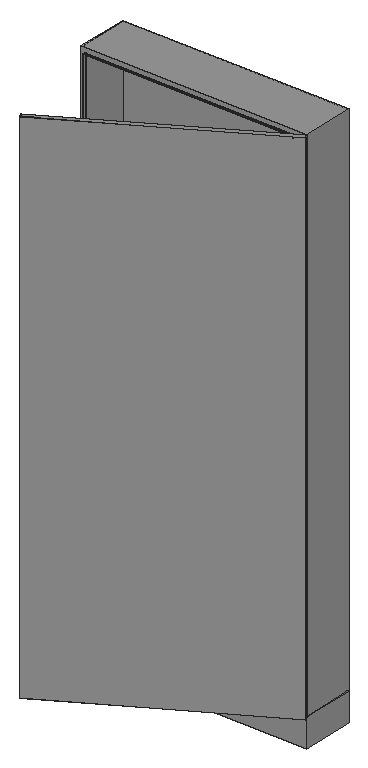
Revit family "Hager-Univers-IP44-D205-H1950-Cl.I-Encl-NoHosted-CH-fr", category Electrical Equipment, Revit 2020
Family settings
  Panel Configuration = Two Columns, Circuits Across
  Round Connector Dimension = Use Diameter
  Part Type = Panelboard
  Work Plane-Based = Yes
  Always vertical = Yes
  Cut with Voids When Loaded = No
  Shared = No
  Room Calculation Point = No
Parameters (values of type "installation au sol IP44 L800 H1950 P205  - FP23TN2")
  Width Control [instance] = if([EF000008 - largeur] > Min Width, [EF000008 - largeur], Min Width)  # 800 mm
  Type Comments = [HG000003 - Gamme]  # "Univers"
  Thickness Door [instance] = if([EF009171 - épaisseur de matériau de la porte/du couvercle] > 3 mm, 3 mm, [EF009171 - épaisseur de matériau de la porte/du couvercle])  # 1 mm
  Seal Frame Offset [instance] = 17 mm  # constant formula
  Plinth Visibility [instance] = [HG000027 - Hauteur du socle] > 0 mm  # yes
  Min Width [instance] = 100 mm  # constant formula
  Min Depth [instance] = (2 * [EF009170 - épaisseur de matériau du boîtier]) + 1 mm  # 3 mm
  Min Height [instance] = 100 mm  # constant formula
  Internal Frame Depth [instance] = (Door System Depth * 0.5)  # 9 mm
  Panel Name [instance] = ""  # (empty or 0)
  Model = ""
  HG000027 - Hauteur du socle = 100 mm
  HG000026 - Installation au sol = yes
  HG000024 - Hauteur de la section basse = 600 mm
  HG000023 - Armoire double section = no
  HG000016 - Visibilité de la porte 3D [instance] = yes
  HG000015 - Visibilité de l'emprise de la porte [instance] = no
  HG000014 - Porte à droite [instance] = yes
  HG000013 - Porte à gauche [instance] = not([HG000014 - Porte à droite])  # no
  HG000012 - Angle de pivotement de la porte [instance] = 30.00°
  HG000010 - Portes asymétriques = no
  HG000009 - Porte à double battant = no
  HG000006 - Encastré = no
  HG000004 - Référence fabricant = "FP23TN2"
  HG000003 - Gamme = "Univers"
  HG000002 - avec porte = yes
  Frame Offset Bottom [instance] = 10 mm  # constant formula
  Frame Offset [instance] = 15 mm  # constant formula
  EF015940 - couvercle avec décharge de pression = no
  EF011959 - degré de protection (NEMA) = ""
  EF009554 - nombre d'ouvertures pour plaques à bride = 6
  EF009212 - finition du couvercle = "EV000116 - fermé"
  EF009171 - épaisseur de matériau de la porte/du couvercle = 1 mm
  EF009170 - épaisseur de matériau du boîtier = 1 mm
  EF008873 - courant nominal (In) = 400 A
  EF007800 - adapté à un parafoudre = no
  EF006306 - avec serrure = no
  EF006244 - couvercle/porte transparent(e) = no
  EF005474 - indice de protection (IP) = "EV006418 - IP44"
  EF004464 - type de porte = "EV002646 - unique"
  EF004427 - nombre de modules = 432
  EF004293 - indice de protection contre les chocs (IK) = "EV006815 - IK09"
  EF003532 - convient pour utilisation à l’extérieur = no
  EF002950 - largeur en nombre de modules = 36
  EF001613 - maintien de fonction = "EV000494 - sans"
  EF001596 - matériau du boîtier/corps = "EV000179 - acier"
  EF001131 - profondeur intérieure = 205 mm
  EF001088 - possibilité de montage en saillie = yes
  EF000437 - nombre d'entrées de conduit = 6
  EF000339 - type de capot = "EV001012 - couvercle"
  EF000266 - nombre de rangées = 12
  EF000218 - profondeur d'encastrement = 0 mm
  EF000118 - avec cadre/support de montage = no
  EF000116 - numéro RAL = "9010"
  EF000049 - profondeur = 205 mm
  EF000040 - hauteur = 1950 mm
  EF000008 - largeur = 800 mm
  EF000007 - couleur = "EV000202 - blanc"
  EF000003 - mode de pose = "EV012274 - installation au sol"
  Door System Leaf Tolerance [instance] = 1.5 mm  # constant formula
  Door System Depth [instance] = 18 mm  # constant formula
  Door Height [instance] = Height Control - [HG000027 - Hauteur du socle]  # 1850 mm
  Description = ""
  Default Elevation = 1219.2 mm
  Connector Offset [instance] = Height Control / 2  # 975 mm
  Manufacturer = "Hager"  # constant formula
  Height Control [instance] = if([EF000040 - hauteur] > Min Height, [EF000040 - hauteur], Min Height)  # 1950 mm
  Depth Control [instance] = if([EF000049 - profondeur] > Min Depth, [EF000049 - profondeur], Min Depth)  # 205 mm
  Bottom Top Plate Trim [instance] = 1.5 mm  # constant formula
  Plinth height Ctrl [instance] = if([HG000027 - Hauteur du socle] > 0 mm, [HG000027 - Hauteur du socle], 12 mm)  # 100 mm
Types (5, lengths in mm): name | Width Control | HG000010 - Portes asymétriques | HG000009 - Porte à double battant | HG000004 - Référence fabricant | EF009554 - nombre d'ouvertures pour plaques à bride | EF008873 - courant nominal (In) | EF004464 - type de porte | EF004427 - nombre de modules | EF002950 - largeur en nombre de modules | EF000437 - nombre d'entrées de conduit | EF000008 - largeur
  installation au sol IP44 L1050 H1950 P205  - FP24TN2 | 1050 | no | yes | "FP24TN2" | 8 | 400 A | "EV003602 - double" | 576 | 48 | 8 | 1050
  installation au sol IP44 L1300 H1950 P205  - FP25TN2 | 1300 | yes | yes | "FP25TN2" | 10 | 400 A | "EV003602 - double" | 720 | 60 | 10 | 1300
  installation au sol IP44 L300 H1950 P205  - FP21TN2 | 300 | no | no | "FP21TN2" | 2 | 250 A | "EV002646 - unique" | 144 | 12 | 2 | 300
  installation au sol IP44 L550 H1950 P205  - FP22TN2 | 550 | no | no | "FP22TN2" | 4 | 400 A | "EV002646 - unique" | 288 | 24 | 4 | 550
  installation au sol IP44 L800 H1950 P205  - FP23TN2 | 800 | no | no | "FP23TN2" | 6 | 400 A | "EV002646 - unique" | 432 | 36 | 6 | 800
Reference planes
  plane 1 "Center (Front/Back)": y = 0
  plane 2: z = 0
  plane 3 "Center (Left/Right)": x = 0
  plane 4: y = 0
  plane 5: y = 0
  plane 6: z = 0
  plane 7: x = -400
  plane 8: x = 400
  plane 9: x = 399
  plane 10: x = -399
  plane 11: z = 100
  plane 12: z = 101
  plane 13: y = -205
  plane 14: y = -1
  plane 15: x = 0
  plane 16: y = -187
  plane 17: y = -204
  plane 18: y = -186
  plane 19: x = -384
  plane 20: x = 384
  plane 21: z = 111
  plane 22: x = -383
  plane 23: x = 383
  plane 24: z = 100
  plane 25: z = 1950
  plane 26: z = 1950
  plane 27: z = 1934
  plane 28: z = 1949
Forms (mm)
  Extrusion 1, solid, material "Hager_Steel_RAL7035_Light_Grey", detail levels medium+fine
    sketch origin (-208.679, -4572, 100) x (-1, 0, 0) y (0, -1, 0)
      loop
        line (191.321, -4385) -> (-608.679, -4385) -> (-608.679, -4572) -> (191.321, -4572) -> (191.321, -4385)
    from 0 to 1850
  Extrusion 2, void
    sketch origin (-350.771, -205, 1219.2) x (1, 0, 0) y (0, 0, 1)
      loop
        line (-48.229, 729.8) -> (-48.229, -1118.2) -> (749.771, -1118.2) -> (749.771, 729.8) -> (-48.229, 729.8)
    from -19 to -204
  Extrusion 3, void
    sketch origin (-290.084, -187, 1219.2) x (1, 0, 0) y (0, 0, 1)
      loop
        line (-93.916, -1108.2) -> (674.084, -1108.2) -> (674.084, 714.8) -> (-93.916, 714.8) -> (-93.916, -1108.2)
    from 0 to -1
  Extrusion 4, solid, material "Hager_Steel_RAL7035_Light_Grey", visible <- "Plinth Visibility", detail levels medium+fine
    sketch origin (0, 0, 0) x (1, 0, 0) y (0, 1, 0)
      loop
        line (-400, 0) -> (-400, -187) -> (400, -187) -> (400, 0) -> (-400, 0)
    from 0 to 100 <- "Plinth height Ctrl"
  Extrusion 5, solid, material "Hager_Steel_RAL7035_Light_Grey", detail levels coarse
    sketch origin (0, 0, 0) x (1, 0, 0) y (0, 1, 0)
      loop
        line (-400, 0) -> (-400, -205) -> (400, -205) -> (400, 0) -> (-400, 0)
    from 0 to 1950 <- "Height Control"
  Sweep 6, void
    path in 3D
      loop
        line (-400, -187, 100) -> (400, -187, 100) -> (400, 0, 100) -> (-400, 0, 100) -> (-400, -187, 100)
    profile origin (-400, -93.5, 100) x (1, 0, 0) y (0, 0, 1)
      loop
        line (0, 0) -> (0, -1.5) -> (1.5, -1.5)
        arc (1.5, -1.5) -> (1.061, -0.439) -> (0, 0) r 1.5
  Extrusion 7, solid, material "Hager_Steel_RAL7035_Light_Grey", detail levels fine
    sketch origin (-400, -187, 100) x (1, 0, 0) y (0, 0, 1)
      loop
        line (16, 11) -> (784, 11) -> (784, 1834) -> (16, 1834) -> (16, 11)
      loop
        line (15, 10) -> (785, 10) -> (785, 1835) -> (15, 1835) -> (15, 10)
    from 0 to 9 <- "Internal Frame Depth"
Cuts and joins
  Extrusion 2, Extrusion 3 cuts Extrusion 1
  Sweep 6 cuts Extrusion 4
Lines and regions (mm)
  Masking region 1
    outline origin (0, 0, 0) x (1, 0, 0) y (0, 1, 0)
      loop
        line (-400, 0) -> (-400, -205) -> (400, -205) -> (400, 0) -> (-400, 0)
  Masking region 2, detail levels coarse
    outline origin (-290.084, -187, 1219.2) x (-1, 0, 0) y (0, 0, 1)
      loop
        line (-690.084, -1219.2) -> (109.916, -1219.2) -> (109.916, 730.8) -> (-690.084, 730.8) -> (-690.084, -1219.2)
  Masking region 3, detail levels coarse
    outline origin (0, 0, 0) x (0, 1, 0) y (0, 0, 1)
      loop
        line (0, 0) -> (0, 1950) -> (-205, 1950) -> (-205, 0) -> (0, 0)
  Masking region 4, visible <- "Plinth Visibility", detail levels medium+fine
    outline origin (0, 0, 0) x (0, 1, 0) y (0, 0, 1)
      loop
        line (-1.5, 100) -> (-185.5, 100)
        arc (-185.5, 100) -> (-185.939, 98.939) -> (-187, 98.5) r 1.5
        line (-187, 98.5) -> (-187, 0) -> (0, 0) -> (0, 98.5)
        arc (0, 98.5) -> (-1.061, 98.939) -> (-1.5, 100) r 1.5
  Masking region 5, detail levels medium+fine
    outline origin (0, 0, 594.038) x (0, 1, 0) y (0, 0, 1)
      loop
        line (0, -494.038) -> (0, 1355.962) -> (-187, 1355.962) -> (-187, -494.038) -> (0, -494.038)
  Masking region 6, detail levels medium+fine
    outline origin (-359.7, -187, 1211.883) x (-1, 0, 0) y (0, 0, 1)
      loop
        line (-759.7, -1111.883) -> (40.3, -1111.883) -> (40.3, 738.117) -> (-759.7, 738.117) -> (-759.7, -1111.883)
  Masking region 7, visible <- "Plinth Visibility", detail levels medium+fine
    outline origin (-320.334, -187, 1041.368) x (-1, 0, 0) y (0, 0, 1)
      loop
        line (-720.334, -1041.368) -> (79.666, -1041.368) -> (79.666, -942.868)
        arc (79.666, -942.868) -> (78.606, -942.429) -> (78.166, -941.368) r 1.5
        line (78.166, -941.368) -> (-718.834, -941.368)
        arc (-718.834, -941.368) -> (-719.273, -942.429) -> (-720.334, -942.868) r 1.5
        line (-720.334, -942.868) -> (-720.334, -1041.368)
  sketch lines
    curve 1: line (-400, 0, 100) -> (-400, -187, 100)
    curve 2: line (-400, -187, 100) -> (400, -187, 100)
    curve 3: line (400, 0, 100) -> (-400, 0, 100)
    curve 4: line (400, -187, 100) -> (400, 0, 100)
Dimensions and locks
  locked: plane 1 "Center (Front/Back)" to plane 5
  "EF009170 - épaisseur de matériau du boîtier": plane 7 to plane 10
  "EF009170 - épaisseur de matériau du boîtier": plane 8 to plane 9
  equal spacing: plane 7, plane 3 "Center (Left/Right)", plane 8
  "Width Control": plane 7 to plane 8
  "Depth Control": plane 4 to plane 13
  "EF009170 - épaisseur de matériau du boîtier": plane 4 to plane 14
  "Height Control": plane 25 to level
  "HG000027 - Hauteur du socle": plane 11 to level
  "EF009170 - épaisseur de matériau du boîtier": plane 12 to plane 11
  "EF009170 - épaisseur de matériau du boîtier": plane 17 to plane 13
  "EF009170 - épaisseur de matériau du boîtier": plane 18 to plane 16
  "Frame Offset Bottom": plane 21 to plane 12
  "Frame Offset": plane 10 to plane 19
  "Frame Offset": plane 9 to plane 20
  "Door System Depth": plane 16 to plane 13
  "Seal Frame Offset": plane 7 to plane 22
  "Seal Frame Offset": plane 8 to plane 23
  "EF009170 - épaisseur de matériau du boîtier": plane 26 to plane 28
  "Frame Offset": plane 28 to plane 27
  "Connector Offset": plane 2 to connector elem
  "Bottom Top Plate Trim": profile plane to Sweep 6 sketch curve
  "Bottom Top Plate Trim": Sweep 6 sketch curve to Sweep 6 sketch curve
  "Plinth height Ctrl": Masking region 4 sketch curve to level
  "Plinth height Ctrl": Masking region 7 sketch curve to level
  "Thickness Door": Extrusion 7 sketch curve to Extrusion 7 sketch curve  (x4)
  "Bottom Top Plate Trim": radius of Sweep 6 sketch curve
  "Bottom Top Plate Trim": radius of Masking region 4 sketch curve  (x2)
  "Bottom Top Plate Trim": radius of Masking region 7 sketch curve  (x2)
  aligned and locked: Extrusion 2 sketch curve to plane 12
  aligned and locked: Extrusion 2 sketch curve to plane 9
  aligned and locked: Extrusion 2 sketch curve to plane 10
  aligned and locked: Extrusion 2 to plane 14
  aligned and locked: Extrusion 1 sketch curve to plane 4
  aligned and locked: plane 8 to Extrusion 1 sketch curve
  aligned and locked: plane 7 to Extrusion 1 sketch curve
  aligned and locked: Extrusion 2 to plane 18
  aligned and locked: Extrusion 3 sketch curve to plane 19
  aligned and locked: plane 20 to Extrusion 3 sketch curve
  aligned and locked: Extrusion 3 to Extrusion 2
  aligned and locked: Extrusion 3 sketch curve to plane 21
  aligned and locked: plane 3 "Center (Left/Right)" to nested 1
  aligned and locked: Extrusion 1 sketch curve to plane 16
  aligned and locked: Extrusion 4 sketch curve to cut or joined group of Extrusion 1, Extrusion 2, Extrusion 3
  aligned and locked: Masking region 1 sketch curve to plane 7
  aligned and locked: Masking region 1 sketch curve to plane 5
  aligned and locked: Masking region 1 sketch curve to plane 8
  aligned and locked: Masking region 2 sketch curve to level
  aligned and locked: level to Masking region 3 sketch curve
  aligned and locked: plane 1 "Center (Front/Back)" to Masking region 3 sketch curve
  aligned and locked: plane 13 to Masking region 3 sketch curve
  aligned and locked: plane 5 to Masking region 4 sketch curve
  aligned and locked: Masking region 2 sketch curve to plane 8
  aligned and locked: Masking region 2 sketch curve to plane 7
  aligned and locked: plane 7 to nested 2
  aligned and locked: nested 2 to plane 5
  aligned and locked: plane 5 to Masking region 5 sketch curve
  aligned and locked: plane 26 to Masking region 5 sketch curve
  aligned and locked: Extrusion 5 sketch curve to plane 8
  aligned and locked: Extrusion 5 sketch curve to plane 7
  aligned and locked: Extrusion 5 sketch curve to plane 5
  aligned and locked: Extrusion 3 sketch curve to plane 27
  aligned and locked: Extrusion 2 sketch curve to plane 28
  aligned and locked: Masking region 2 to plane 25
  aligned and locked: Extrusion 4 to plane 16
  aligned and locked: profile plane to Sweep 6 sketch curve
  aligned and locked: Masking region 5 sketch curve to plane 24
  aligned and locked: level to Masking region 4 sketch curve
  aligned and locked: Masking region 1 to plane 13
  aligned and locked: nested 1 to plane 16
  aligned and locked: Masking region 3 to plane 25
  aligned and locked: plane 16 to Masking region 4 sketch curve
  aligned and locked: Masking region 5 sketch curve to plane 16
  aligned and locked: plane 24 to plane 11
  aligned and locked: plane 26 to plane 25
  aligned and locked: plane 26 to cut or joined group of Extrusion 1, Extrusion 2, Extrusion 3
  aligned and locked: nested 1 to plane 24
  aligned and locked: Extrusion 1 to Extrusion 3
  aligned and locked: Masking region 6 sketch curve to plane 8
  aligned and locked: Masking region 6 sketch curve to plane 24
  aligned and locked: Masking region 6 sketch curve to plane 7
  aligned and locked: Masking region 6 sketch curve to plane 26
  aligned and locked: Masking region 7 sketch curve to plane 7
  aligned and locked: level to Masking region 7 sketch curve
  aligned and locked: Masking region 7 sketch curve to plane 8
  aligned and locked: Extrusion 7 sketch curve to cut or joined group of Extrusion 1, Extrusion 2, Extrusion 3  (x4)
Automatic sketch dimensions
  plane 19 to Extrusion 3 sketch curve = 0 mm
  Extrusion 3 sketch curve to plane 20 = 0 mm
  Extrusion 3 sketch curve to plane 21 = 0 mm
  Extrusion 4 sketch curve to plane 7 = 0 mm
  Extrusion 4 sketch curve to plane 8 = 0 mm
  Extrusion 4 sketch curve to plane 16 = 0 mm
  Masking region 1 sketch curve to plane 13 = 0 mm
  Masking region 2 sketch curve to plane 25 = 0 mm
  Masking region 3 sketch curve to plane 25 = 0 mm
  Extrusion 5 sketch curve to plane 13 = 0 mm
  profile plane to Sweep 6 sketch curve = 0 mm
Nested families
  nested 1: "EC000058_Univers_Door" at (0, -187, 100), Double <- "HG000009 - Porte à double battant", Transparent <- "EF006244 - couvercle/porte transparent(e)", Angle <- "HG000012 - Angle de pivotement de la porte", Door_Right <- "HG000014 - Porte à droite", Assymetrical <- "HG000010 - Portes asymétriques", Door <- "HG000002 - avec porte", Width_Ctrl <- "Width Control", 3d_Door <- "HG000016 - Visibilité de la porte 3D", Clearance <- "HG000015 - Visibilité de l'emprise de la porte", Door_Left <- "HG000013 - Porte à gauche", Width <- "Width Control", Door_Depth <- "Door System Depth", Leaf_Tolerance <- "Door System Leaf Tolerance", Height <- "Door Height", Lock_Visibility <- "EF006306 - avec serrure", Thickness <- "Thickness Door", type "EC000058_Univers_Door", detail levels medium+fine
    with min_wh 3 mm, Width_Ctrl 800 mm, Width 800 mm, Transparent no, Thickness 1 mm, Seal_Material Hager_Rubber, Lock_Visibility no, Lock_Material Hager_Plastic_RAL9005_Jet_Black, Leaf_Width 800 mm, Leaf_Tolerance_External_Sides 0 mm, Leaf_Tolerance 1.5 mm, Leaf_Offset 0 mm, Leaf_Height 1847 mm, Leaf_2_Width 800 mm, Leaf_2_Offset 400 mm, Leaf_1_Width 800 mm, Leaf_1_Offset 400 mm, Height_Ctrl 1850 mm, Height 1850 mm, Glass_Material Hager_Glass, Double_Clearance_Ctrl no, Double no, Door_Right_Ctrl yes, Door_Right yes, Door_Material Hager_Steel_RAL7035_Light_Grey, Door_Left_Ctrl no, Door_Left no, Door_Depth 18 mm, Door yes, Clearance_Material Hager_Clearance, Clearance_Depth 800 mm, Clearance_Ctrl no, Clearance no, Assymetrical no, Angle 30.00°, 3d_Door yes
  nested 2: "Hager_Enclosure_Symbol" at (-400, 0, 0), Height <- "Depth Control", Width <- "Width Control", type "Hager_Enclosure_Symbol"
    with Width_Ctrl 800 mm, Width 800 mm, Height_Ctrl 205 mm, Height 205 mm, A_Width_Int 13.453 mm, A_Width 161.438 mm, A_Height_Ctrl 179.375 mm, A_Height 179.375 mm
Connectors
  electrical at (0, 0, 975)
    settings: on plane 1 "Center (Front/Back)", index 1, voltage 0 V, apparent load 0 VA, apparent load phase1 0 VA, apparent load phase2 0 VA, apparent load phase3 0 VA, power factor 1, load classification "Other", number of poles 1, system type 30, power factor state 1, is connector primary yes, connector utility no, sub classification motor no, connector description ""
Definition of nested family "EC000058_Univers_Door"
  Parameters (values of type "EC000058_Univers_Door")
    min_wh [instance] = (2 * Thickness) + 1 mm  # 11 mm
    Width_Ctrl [instance] = 400 mm
    Width [instance] = 500 mm
    Transparent [instance] = yes
    Thickness [instance] = 5 mm
    Seal_Material [instance] = none
    Lock_Visibility [instance] = yes
    Lock_Material [instance] = none
    Leaf_Width [instance] = if((Width_Ctrl - 2 * Leaf_Tolerance_External_Sides) > 0 mm, (Width_Ctrl - 2 * Leaf_Tolerance_External_Sides), min_wh)  # 400 mm
    Leaf_Tolerance_External_Sides [instance] = 0 mm  # constant formula
    Leaf_Tolerance [instance] = 1.5 mm
    Leaf_Offset [instance] = 0 mm  # constant formula
    Leaf_Height [instance] = if((Height_Ctrl - 2 * Leaf_Tolerance) > 0 mm, (Height_Ctrl - 2 * Leaf_Tolerance), min_wh)  # 497 mm
    Leaf_2_Width [instance] = if(and(and(Double, Assymetrical), Door_Left), (Leaf_Width / 3) - (Leaf_Tolerance / 2), if(and(and(Double, Assymetrical), Door_Right), (Leaf_Width / 3) * 2 - (Leaf_Tolerance / 2), if(and(Double, not(Assymetrical)), (Leaf_Width / 2) - Leaf_Tolerance, Leaf_Width)))  # 400 mm
    Leaf_2_Offset [instance] = if(and(Double, Assymetrical), Leaf_2_Width / 2, if(and(Double, not(Assymetrical)), Leaf_Width / 4, Leaf_Width / 2))  # 200 mm
    Leaf_1_Width [instance] = if(and(and(Double, Assymetrical), Door_Right), (Leaf_Width / 3) - (Leaf_Tolerance / 2), if(and(and(Double, Assymetrical), Door_Left), (Width / 3) * 2 - (Leaf_Tolerance / 2), if(and(Double, not(Assymetrical)), (Leaf_Width / 2) - Leaf_Tolerance, Leaf_Width)))  # 400 mm
    Leaf_1_Offset [instance] = if(and(Double, Assymetrical), Leaf_1_Width / 2, if(and(Double, not(Assymetrical)), Leaf_Width / 4, Leaf_Width / 2))  # 200 mm
    Height_Ctrl [instance] = if(Height > min_wh, Height, min_wh)  # 500 mm
    Height [instance] = 500 mm
    Glass_Material [instance] = none
    Double_Clearance_Ctrl [instance] = and(Double, Clearance)  # no
    Double [instance] = no
    Door_Right_Ctrl [instance] = and(or(Door_Right, Double), Door)  # yes
    Door_Right [instance] = yes
    Door_Material [instance] = none
    Door_Left_Ctrl [instance] = and(or(Door_Left, Double), Door)  # no
    Door_Left [instance] = no
    Door_Depth [instance] = 30 mm
    Door [instance] = yes
    Default Elevation = 1219.2 mm
    Clearance_Material [instance] = none
    Clearance_Depth [instance] = if(Leaf_1_Width > Leaf_2_Width, Leaf_1_Width, Leaf_2_Width)  # 400 mm
    Clearance_Ctrl [instance] = and(not(Double), Clearance)  # yes
    Clearance [instance] = yes
    Assymetrical [instance] = yes
    Angle [instance] = 30.00°
    3d_Door [instance] = yes
  Reference planes
    plane 1 "Center (Front/Back)": y = 0
    plane 2 "Bottom": z = 0
    plane 3 "Center (Left/Right)": x = 0
    plane 4: z = 500
    plane 5: x = -200
    plane 6: x = 200
    plane 7: z = 500
    plane 8: x = -200
    plane 9: z = 0
    plane 10: x = 200
    plane 11: y = 0
    plane 12: z = 1.5
    plane 13: x = -600
    plane 14: y = -400
    plane 15: x = 600
    plane 16: x = 0
    plane 17: x = 0
    plane 18: x = -200
    plane 19: x = 200
    plane 20: z = 498.5
  Forms (mm)
    Extrusion 1, solid, material <- "Clearance_Material", visible <- "Double_Clearance_Ctrl"
      sketch origin (1200, 0, 0) x (1, 0, 0) y (0, 0, -1)
        loop
          line (-1800, -498.5) -> (-600, -498.5) -> (-600, 0) -> (-1800, 0) -> (-1800, -498.5)
      from 0 to -400
  Dimensions and locks
    equal spacing: plane 5, plane 3 "Center (Left/Right)", plane 6
    "Width_Ctrl": plane 5 to plane 6
    "Leaf_Offset": plane 5 to plane 8
    "Leaf_Offset": plane 6 to plane 10
    "Leaf_Offset": plane 9 to level
    "Leaf_Offset": plane 4 to plane 7
    "Height_Ctrl": plane 4 to level
    "Leaf_Tolerance": plane 12 to plane 9
    locked: plane 11 to plane 1 "Center (Front/Back)"
    "Leaf_1_Offset": plane 18 to plane 16
    "Leaf_2_Offset": plane 17 to plane 19
    "Leaf_1_Width": plane 13 to plane 8
    "Leaf_2_Width": plane 10 to plane 15
    "Clearance_Depth": plane 14 to plane 1 "Center (Front/Back)"
    "Leaf_Tolerance_External_Sides": plane 8 to plane 18
    "Leaf_Tolerance_External_Sides": plane 19 to plane 10
    "Leaf_Tolerance": plane 7 to plane 20
    aligned and locked: level to plane 2 "Bottom"
    aligned and locked: nested 1 to plane 16
    aligned and locked: nested 2 to plane 17
    aligned and locked: Extrusion 1 to plane 13
    aligned and locked: plane 15 to Extrusion 1
    aligned and locked: Extrusion 1 to plane 14
    aligned and locked: plane 12 to nested 1
    aligned and locked: nested 2 to plane 12
    aligned and locked: Extrusion 1 to plane 11
    aligned and locked: plane 20 to Extrusion 1
    aligned and locked: nested 2 to plane 11
    aligned and locked: nested 1 to plane 11
  Automatic sketch dimensions
    Extrusion 1 sketch curve to level = 0 mm
    plane 5 to Extrusion 1 sketch curve = 400 mm
    plane 6 to Extrusion 1 sketch curve = 400 mm
    Extrusion 1 sketch curve to plane 4 = 1.5 mm
  Nested families
    nested 1: "EC000058_Univers_Door_Leaf" at (0, 0, 1.5), Width <- "Leaf_1_Width", visible <- "Door_Left_Ctrl", Leaf_Height <- "Leaf_Height", Angle <- "Angle", 3d_Door <- "3d_Door", Transparent <- "Transparent", Clearance Material <- "Clearance_Material", Clearance <- "Clearance_Ctrl", Door_Material <- "Door_Material", Glass_Material <- "Glass_Material", Door_Depth <- "Door_Depth", Lock_Material <- "Lock_Material", Seal_Material <- "Seal_Material", Lock_Visibility <- "Lock_Visibility", Thickness <- "Thickness", type "EC000058_Univers_Door_Leaf"
      with Width 400 mm, Transparent_Glass_Offset 30 mm, Transparent_Ctrl yes, Transparent yes, Thickness 5 mm, Standard no, Seal_Material none, Seal_D2 8 mm, Seal_D1 1 mm, Offset_Internal_Frame 10 mm, Lock_Width 20 mm, Lock_Visibility_3d yes, Lock_Visibility yes, Lock_Thickness_3 3 mm, Lock_Thickness_2 1 mm, Lock_Thickness_1 3 mm, Lock_Radius_Offset_2 16 mm, Lock_Radius_Offset_1 15 mm, Lock_Radius_2 5 mm, Lock_Radius 6 mm, Lock_Offset 5 mm, Lock_Material none, Lock_Height 80 mm, Lock_Cover_Top_Offset_2d 17 mm, Lock_Cover_Height -65 mm, Leaf_Height 497 mm, Internal_Seal_Thickness 8 mm, Internal_Seal_Depth_2 4.5 mm, Internal_Frame_Depth 25 mm, Glass_Thickness -1 mm, Glass_Offset -2 mm, Glass_Material none, Door_Material none, Door_Depth 30 mm, Clearance Material none, Clearance yes, Angle_Ctrl 30.00°, Angle 30.00°, 3d_Door yes
    nested 2: "EC000058_Univers_Door_Leaf" at (0, 0, 1.5) x (-1, 0, 0) z (0, 0, 1), Width <- "Leaf_2_Width", visible <- "Door_Right_Ctrl", Leaf_Height <- "Leaf_Height", Angle <- "Angle", 3d_Door <- "3d_Door", Transparent <- "Transparent", Clearance Material <- "Clearance_Material", Clearance <- "Clearance_Ctrl", Door_Material <- "Door_Material", Glass_Material <- "Glass_Material", Door_Depth <- "Door_Depth", Lock_Material <- "Lock_Material", Seal_Material <- "Seal_Material", Lock_Visibility <- "Lock_Visibility", Thickness <- "Thickness", type "EC000058_Univers_Door_Leaf"
      with Width 400 mm, Transparent_Glass_Offset 30 mm, Transparent_Ctrl yes, Transparent yes, Thickness 5 mm, Standard no, Seal_Material none, Seal_D2 8 mm, Seal_D1 1 mm, Offset_Internal_Frame 10 mm, Lock_Width 20 mm, Lock_Visibility_3d yes, Lock_Visibility yes, Lock_Thickness_3 3 mm, Lock_Thickness_2 1 mm, Lock_Thickness_1 3 mm, Lock_Radius_Offset_2 16 mm, Lock_Radius_Offset_1 15 mm, Lock_Radius_2 5 mm, Lock_Radius 6 mm, Lock_Offset 5 mm, Lock_Material none, Lock_Height 80 mm, Lock_Cover_Top_Offset_2d 17 mm, Lock_Cover_Height -65 mm, Leaf_Height 497 mm, Internal_Seal_Thickness 8 mm, Internal_Seal_Depth_2 4.5 mm, Internal_Frame_Depth 25 mm, Glass_Thickness -1 mm, Glass_Offset -2 mm, Glass_Material none, Door_Material none, Door_Depth 30 mm, Clearance Material none, Clearance yes, Angle_Ctrl 30.00°, Angle 30.00°, 3d_Door yes
  Definition of nested family "EC000058_Univers_Door_Leaf"
    Parameters (values of type "EC000058_Univers_Door_Leaf")
      Width [instance] = 2000 mm
      Transparent_Glass_Offset [instance] = 30 mm
      Transparent_Ctrl [instance] = and(Transparent, [3d_Door])  # yes
      Transparent [instance] = yes
      Thickness [instance] = 5 mm
      Standard [instance] = and(not(Transparent), [3d_Door])  # no
      Seal_Material [instance] = none
      Seal_D2 [instance] = 8 mm  # constant formula
      Seal_D1 [instance] = 1 mm  # constant formula
      Offset_Internal_Frame [instance] = 10 mm  # constant formula
      Lock_Width [instance] = 20 mm  # constant formula
      Lock_Visibility_3d [instance] = and(Lock_Visibility, [3d_Door])  # yes
      Lock_Visibility [instance] = yes
      Lock_Thickness_3 [instance] = 3 mm  # constant formula
      Lock_Thickness_2 [instance] = 1 mm  # constant formula
      Lock_Thickness_1 [instance] = 3 mm  # constant formula
      Lock_Radius_Offset_2 [instance] = Lock_Radius_Offset_1 + 1 mm  # 16 mm
      Lock_Radius_Offset_1 [instance] = 15 mm  # constant formula
      Lock_Radius_2 [instance] = Lock_Radius - 1 mm  # 5 mm
      Lock_Radius [instance] = 6 mm  # constant formula
      Lock_Offset [instance] = 5 mm  # constant formula
      Lock_Material [instance] = none
      Lock_Height [instance] = 80 mm  # constant formula
      Lock_Cover_Top_Offset_2d [instance] = Lock_Radius_Offset_2 + 1 mm  # 17 mm
      Lock_Cover_Height [instance] = -(Lock_Height - Lock_Radius_Offset_1)  # -65 mm
      Leaf_Height [instance] = 2720.336 mm
      Internal_Seal_Thickness [instance] = 8 mm  # constant formula
      Internal_Seal_Depth_2 [instance] = 4.5 mm  # constant formula
      Internal_Frame_Depth [instance] = if(Door_Depth - Thickness > 5 mm, Door_Depth - Thickness, 5 mm)  # 25 mm
      Glass_Thickness [instance] = if(Thickness > 15 mm, Glass_Offset + 10 mm, -1 mm)  # -1 mm
      Glass_Offset [instance] = if(Thickness > 15 mm, -(Thickness + 10 mm) / 2, -2 mm)  # -2 mm
      Glass_Material [instance] = none
      Door_Material [instance] = none
      Door_Depth [instance] = 30 mm
      Default Elevation = 0 mm
      Clearance Material [instance] = none
      Clearance [instance] = yes
      Angle_Ctrl [instance] = if(Angle > 180.00°, 180.00°, Angle)  # 90.00°
      Angle [instance] = 90.00°
      3d_Door [instance] = yes
    Reference planes
      plane 1 "Center (Front/Back)": y = 0
      plane 2: z = 0
      plane 3 "Center (Left/Right)": x = 0
      plane 4: y = 2000
      plane 5: x = -1000
      plane 6: x = 1000
      plane 7: x = -3000
      plane 8: z = 2720.336
      plane 9: z = 30
      plane 10: z = 2690.336
      plane 11: x = 970
      plane 12: x = -970
      plane 13: y = -3
      plane 14: z = 107.833
      plane 15: y = -5
      plane 16: y = -223.314
      plane 17: x = -1000
      plane 18: z = 1360.168
      plane 19: y = 30
    Forms (mm)
      Extrusion 1, solid, material <- "Clearance Material", visible <- "Clearance"
        sketch origin (0, 0, 0) x (1, 0, 0) y (0, 0, 1)
          loop
            line (-3000, 2720.336) -> (-3000, 0) -> (1000, 0) -> (1000, 2720.336) -> (-3000, 2720.336)
        from 0 to -2000
      Extrusion 2, solid, material <- "Door_Material", visible <- "Standard", detail levels medium+fine
        sketch origin (-1000, 0, 0) x (0, 1, 0) y (-1, 0, 0)
          loop
            line (0, 30) -> (0, 25) -> (2000, 25) -> (2000, 30) -> (0, 30)
        from 0 to 2720.336 <- "Leaf_Height"
      Extrusion 3, solid, material <- "Door_Material", visible <- "Transparent_Ctrl", detail levels medium+fine
        sketch origin (-1000, 0, 0) x (0, 1, 0) y (-1, 0, 0)
          loop
            line (0, 25) -> (2000, 25) -> (2000, 30) -> (0, 30) -> (0, 25)
        from 0 to 2720.336 <- "Leaf_Height"
      Extrusion 4, void
        sketch origin (-1025, 2000, 0) x (0, 1, 0) y (0, 0, -1)
          loop
            line (-30, -2690.336) -> (-30, -30) -> (-1970, -30) -> (-1970, -2690.336) -> (-30, -2690.336)
        from 0 to 5 <- "Thickness"
      Sweep 5, solid, material <- "Seal_Material", visible <- "Transparent_Ctrl", detail levels fine
        path in 3D
          loop
            line (-1025, 30, 30) -> (-1025, 30, 2690.336) -> (-1025, 1970, 2690.336) -> (-1025, 1970, 30) -> (-1025, 30, 30)
        profile origin (-1025, 1000, 30) x (1, 0, 0) y (0, 0, 1)
          loop
            line (0, 0) -> (0, -8) -> (1, -8) -> (1, 0) -> (0, 0)
      Extrusion 6, solid, material <- "Glass_Material", visible <- "Transparent_Ctrl", detail levels medium+fine
        sketch origin (-1030, 0, 0) x (0, 1, 0) y (0, 0, -1)
          loop
            line (1970, -2690.336) -> (1970, -30) -> (30, -30) -> (30, -2690.336) -> (1970, -2690.336)
        from -2 <- "Glass_Offset" to -1 <- "Glass_Thickness"
      Extrusion 7, solid, material <- "Door_Material", visible <- "3d_Door", detail levels medium+fine
        sketch origin (-1025, 2000, 0) x (0, -1, 0) y (0, 0, -1)
          loop
            line (0, -2720.336) -> (2000, -2720.336) -> (2000, 0) -> (0, 0) -> (0, -2720.336)
          loop
            line (1995, -5) -> (5, -5) -> (5, -2715.336) -> (1995, -2715.336) -> (1995, -5)
        from 0 to 25 <- "Internal_Frame_Depth"
      Sweep 8, solid, material <- "Seal_Material", visible <- "Transparent_Ctrl", detail levels fine
        path in 3D
          loop
            line (-1025, 0, 0) -> (-1025, 2000, 0) -> (-1025, 2000, 2720.336) -> (-1025, 0, 2720.336) -> (-1025, 0, 0)
        profile origin (-1025, 0, 1360.168) x (1, 0, 0) y (0, 1, 0)
          loop
            line (0, 10) -> (2.975, 10)
            arc (2.975, 10) -> (4.053, 10.447) -> (4.5, 11.525) r 1.525
            line (4.5, 11.525) -> (4.5, 16.527)
            arc (4.5, 16.527) -> (4.069, 17.569) -> (3.027, 18) r 1.473
            line (3.027, 18) -> (0, 18) -> (0, 10)
      Extrusion 9, solid, material <- "Lock_Material", visible <- "Lock_Visibility_3d", detail levels fine
        sketch origin (-1030, 0, 0) x (0, 1, 0) y (0, 0, -1)
          loop
            arc (1993.5, -1400.168) -> (1994.561, -1399.729) -> (1995, -1398.668) r 1.5
            line (1995, -1398.668) -> (1995, -1320.168) -> (1975, -1320.168) -> (1975, -1398.668)
            arc (1975, -1398.668) -> (1975.439, -1399.729) -> (1976.5, -1400.168) r 1.5
            line (1976.5, -1400.168) -> (1993.5, -1400.168)
        from 3 <- "Lock_Thickness_1" to 0
      Blend 10, solid, material <- "Lock_Material", visible <- "Lock_Visibility_3d", detail levels fine
        base sketch origin (-1033, 0, 0) x (0, 1, 0) y (0, 0, -1)
          loop
            line (1975, -1320.168) -> (1975, -1398.668)
            arc (1975, -1398.668) -> (1975.439, -1399.729) -> (1976.5, -1400.168) r 1.5
            line (1976.5, -1400.168) -> (1993.5, -1400.168)
            arc (1993.5, -1400.168) -> (1994.561, -1399.729) -> (1995, -1398.668) r 1.5
            line (1995, -1398.668) -> (1995, -1320.168) -> (1975, -1320.168)
        top sketch origin (-1033, 0, 0) x (0, 1, 0) y (0, 0, -1)
          loop
            line (1976, -1320.168) -> (1976, -1398.668)
            arc (1976, -1398.668) -> (1976.146, -1399.022) -> (1976.5, -1399.168) r 0.5
            line (1976.5, -1399.168) -> (1993.5, -1399.168)
            arc (1993.5, -1399.168) -> (1993.854, -1399.022) -> (1994, -1398.668) r 0.5
            line (1994, -1398.668) -> (1994, -1320.168) -> (1976, -1320.168)
        from 0 to 1 <- "Lock_Thickness_2"
      Blend 11, solid, material <- "Lock_Material", visible <- "Lock_Visibility_3d", detail levels fine
        base sketch origin (-1034, 0, 0) x (0, 1, 0) y (0, 0, -1)
          loop
            line (1978, -1320.168) -> (1978, -1384.168)
            arc (1978, -1384.168) -> (1985, -1391.168) -> (1992, -1384.168) r 7
            line (1992, -1384.168) -> (1992, -1320.168) -> (1978, -1320.168)
        top sketch origin (-1034, 0, 0) x (0, 1, 0) y (0, 0, -1)
          loop
            line (1991, -1320.168) -> (1979, -1320.168) -> (1979, -1383.168)
            arc (1979, -1383.168) -> (1985, -1389.168) -> (1991, -1383.168) r 6
            line (1991, -1383.168) -> (1991, -1320.168)
        from 0 to 3 <- "Lock_Thickness_3"
      Extrusion 12, solid, material <- "Lock_Material", visible <- "Lock_Visibility_3d", detail levels fine
        sketch origin (-1030, 1975, 1320.168) x (1, 0, 0) y (0, -1, 0)
          loop
            line (-7, -19) -> (-7, -1) -> (0, -1) -> (0, 0) -> (-8, 0) -> (-8, -20) -> (0, -20) -> (0, -19) -> (-7, -19)
        from 0 to -65 <- "Lock_Cover_Height"
      Extrusion 13, void
        sketch origin (-1038, 1995, 1320.168) x (-1, 0, 0) y (0, 0, -1)
          loop
            line (-5, -65) -> (0, -65) -> (-5, -60) -> (-5, -65)
        from 0 to 20 <- "Lock_Width"
      Extrusion 14, void
        sketch origin (-1038, 1975, 1320.168) x (0, -1, 0) y (0, 0, -1)
          loop
            circle (-10, -15.995) r 6
          loop
            circle (-10, -15.995) r 5
        from 0 to 2
      Extrusion 15, solid, material <- "Lock_Material", visible <- "Lock_Visibility_3d", detail levels medium
        sketch origin (-1030, 0, 0) x (0, 1, 0) y (0, 0, -1)
          loop
            arc (1993.5, -1400.168) -> (1994.561, -1399.729) -> (1995, -1398.668) r 1.5
            line (1995, -1398.668) -> (1995, -1320.168) -> (1975, -1320.168) -> (1975, -1398.668)
            arc (1975, -1398.668) -> (1975.439, -1399.729) -> (1976.5, -1400.168) r 1.5
            line (1976.5, -1400.168) -> (1993.5, -1400.168)
        from 8 to 0
    Cuts and joins
      Extrusion 4 cuts Extrusion 3
      Extrusion 13, Extrusion 14 cuts Extrusion 9
      Extrusion 14 cuts Blend 11
      Extrusion 13, Extrusion 14 cuts Extrusion 12
      joined: Extrusion 9, Blend 10, Blend 11, Extrusion 12
      Extrusion 14 cuts Extrusion 15
    Lines and regions (mm)
      Masking region 1, visible <- "Lock_Visibility", detail levels fine
        outline origin (0, 0, 0) x (0, 1, 0) y (0, 0, 1)
          loop
            line (30, 1320.168) -> (33, 1320.168) -> (33, 1400.168) -> (30, 1400.168) -> (30, 1320.168)
      Masking region 2, visible <- "Lock_Visibility", detail levels fine
        outline origin (0, 3.143, 0) x (0, 1, 0) y (0, 0, 1)
          loop
            line (29.857, 1354.168) -> (30.857, 1354.168) -> (30.857, 1366.168) -> (29.857, 1366.168) -> (29.857, 1354.168)
      Masking region 3, detail levels medium+fine
        outline origin (0, 0, 0) x (0, 1, 0) y (0, 0, 1)
          loop
            line (0, 0) -> (30, 0) -> (30, 2720.336) -> (0, 2720.336) -> (0, 0)
      Masking region 4, detail levels medium+fine
        outline origin (0, 0, 0) x (1, 0, 0) y (0, 0, 1)
          loop
            line (-1000, 2720.336) -> (-1000, 0) -> (1000, 0) -> (1000, 2720.336) -> (-1000, 2720.336)
      Masking region 5, visible <- "Lock_Visibility", detail levels fine
        outline origin (-47.116, 0, 0) x (1, 0, 0) y (0, 0, 1)
          loop
            arc (1024.616, 1399.168) -> (1023.556, 1398.729) -> (1023.116, 1397.668) r 1.5
            line (1023.116, 1397.668) -> (1023.116, 1320.168) -> (1041.116, 1320.168) -> (1041.116, 1397.668)
            arc (1041.116, 1397.668) -> (1040.677, 1398.729) -> (1039.616, 1399.168) r 1.5
            line (1039.616, 1399.168) -> (1024.616, 1399.168)
      Masking region 6, visible <- "Lock_Visibility", detail levels medium+fine
        outline origin (-25, 0, 0) x (1, 0, 0) y (0, 0, 1)
          loop
            arc (1001.5, 1400.168) -> (1000.439, 1399.729) -> (1000, 1398.668) r 1.5
            line (1000, 1398.668) -> (1000, 1320.168) -> (1020, 1320.168) -> (1020, 1398.668)
            arc (1020, 1398.668) -> (1019.561, 1399.729) -> (1018.5, 1400.168) r 1.5
            line (1018.5, 1400.168) -> (1001.5, 1400.168)
      Masking region 7, visible <- "Lock_Visibility", detail levels fine
        outline origin (-73.735, 0, 0) x (1, 0, 0) y (0, 0, 1)
          loop
            line (1051.735, 1382.168) -> (1065.735, 1382.168) -> (1065.735, 1384.168)
            arc (1065.735, 1384.168) -> (1058.735, 1391.168) -> (1051.735, 1384.168) r 7
            line (1051.735, 1384.168) -> (1051.735, 1382.168)
      Masking region 8, visible <- "Lock_Visibility", detail levels fine
        outline origin (-73.735, 0, 0) x (1, 0, 0) y (0, 0, 1)
          loop
            line (1052.735, 1382.168) -> (1064.735, 1382.168) -> (1064.735, 1383.168)
            arc (1064.735, 1383.168) -> (1058.735, 1389.168) -> (1052.735, 1383.168) r 6
            line (1052.735, 1383.168) -> (1052.735, 1382.168)
      Masking region 9, visible <- "Lock_Visibility", detail levels fine
        outline origin (-25, 0, 0) x (1, 0, 0) y (0, 0, 1)
          loop
            line (1020, 1320.168) -> (1020, 1382.168) -> (1000, 1382.168) -> (1000, 1320.168) -> (1020, 1320.168)
      Masking region 10, detail levels medium+fine
        outline origin (0, 0, 0) x (1, 0, 0) y (0, 0, 1)
          loop
            circle (985, 1335.144) r 6
      Masking region 11, detail levels fine
        outline origin (0, 0, 0) x (1, 0, 0) y (0, 0, 1)
          loop
            circle (985, 1335.144) r 5
      Masking region 12, visible <- "Lock_Visibility", detail levels fine
        outline origin (0, 12.767, 0) x (0, 1, 0) y (0, 0, 1)
          loop
            line (20.233, 1320.168) -> (21.233, 1320.168) -> (21.233, 1399.168) -> (20.233, 1400.168) -> (20.233, 1320.168)
      Masking region 13, visible <- "Lock_Visibility", detail levels fine
        outline origin (0, 13.767, -10) x (0, 1, 0) y (0, 0, 1)
          loop
            line (20.233, 1330.168) -> (23.233, 1330.168) -> (23.233, 1399.168) -> (20.233, 1402.168) -> (20.233, 1330.168)
      Masking region 14, visible <- "Lock_Visibility", detail levels fine
        outline origin (0, 12.767, -10) x (0, 1, 0) y (0, 0, 1)
          loop
            line (20.233, 1330.168) -> (25.233, 1330.168) -> (25.233, 1399.305) -> (20.233, 1394.305) -> (20.233, 1330.168)
      Masking region 15, visible <- "Lock_Visibility", detail levels medium
        outline origin (0, 0, 0) x (0, 1, 0) y (0, 0, 1)
          loop
            line (30, 1320.168) -> (38, 1320.168) -> (38, 1400.168) -> (30, 1400.168) -> (30, 1320.168)
      Masking region 16, visible <- "Lock_Visibility", detail levels fine
        outline origin (-1000, 0, 0) x (0, 1, 0) y (-1, 0, 0)
          loop
            line (1975, 30) -> (1995, 30) -> (1995, 38) -> (1975, 38) -> (1975, 30)
          loop
            line (1979, 37) -> (1976, 37) -> (1976, 34) -> (1978, 34) -> (1979, 37)
          loop
            line (1994, 37) -> (1991, 37) -> (1992, 34) -> (1994, 34) -> (1994, 37)
      Masking region 17, visible <- "Lock_Visibility", detail levels medium
        outline origin (-1000, 0, 0) x (0, 1, 0) y (-1, 0, 0)
          loop
            line (1975, 30) -> (1995, 30) -> (1995, 38) -> (1975, 38) -> (1975, 30)
      symbolic lines
        curve 1: line (1000, 0, 0) -> (-3000, 0, 0)
        curve 2: arc (1000, 0, 0) -> (-1000, 2000, 0) -> (-3000, 0, 0) r 2000
        curve 4: line (-1030, 0, 0) -> (-1030, 2000, 0)
      reference lines
        curve 3: line (-1000, 0, 0) -> (-1000, 2000, 0)
      symbolic lines, detail levels medium+fine
        curve 5: line (-1030, 2000, 0) -> (-1025, 2000, 0)
        curve 7: line (-1025, 0, 0) -> (-1030, 0, 0)
        curve 8: line (-1025, 0, 0) -> (-1000, 0, 0)
        curve 9: line (-1000, 0, 0) -> (-1000, 2000, 0)
        curve 10: line (-1000, 2000, 0) -> (-1025, 2000, 0)
      symbolic lines, detail levels fine
        curve 6: line (-1025, 2000, 0) -> (-1025, 0, 0)
      sketch lines
        curve 11: line (-1025, 0, 2720.336) -> (-1025, 0, 0)
        curve 12: line (-1025, 2000, 0) -> (-1025, 0, 0)
        curve 13: line (-1025, 2000, 2720.336) -> (-1025, 2000, 0)
        curve 14: line (-1025, 0, 2720.336) -> (-1025, 2000, 2720.336)
        curve 15: line (-1025, 1970, 30) -> (-1025, 30, 30)
        curve 16: line (-1025, 30, 30) -> (-1025, 30, 2690.336)
        curve 17: line (-1025, 1970, 2690.336) -> (-1025, 1970, 30)
        curve 18: line (-1025, 30, 2690.336) -> (-1025, 1970, 2690.336)
      symbolic lines, visible <- "Transparent", detail levels medium+fine
        curve 19: line (-970, 0, 2690.336) -> (970, 0, 2690.336)
        curve 20: line (-970, 0, 30) -> (-970, 0, 2690.336)
        curve 21: line (970, 0, 30) -> (-970, 0, 30)
        curve 22: line (970, 0, 2690.336) -> (970, 0, 30)
    Dimensions and locks
      "Width": plane 1 "Center (Front/Back)" to plane 4
      equal spacing: plane 5, plane 3 "Center (Left/Right)", plane 6
      "Width": plane 5 to plane 6
      "Width": plane 7 to plane 5
      "Leaf_Height": plane 8 to level
      "Width": curve 5 to curve 3
      "Width": curve 3 to curve 3
      plane 8 to plane 10 = 30 mm
      plane 9 to level = 30 mm
      plane 12 to plane 5 = 30 mm
      plane 6 to plane 11 = 30 mm
      Extrusion 1 to Extrusion 4 sketch curve = 30 mm
      "Transparent_Glass_Offset": curve 3 to Extrusion 4 sketch curve
      "Transparent_Glass_Offset": Extrusion 4 sketch curve to cut or joined group of Extrusion 3, Extrusion 4  (x2)
      cut or joined group of Extrusion 3, Extrusion 4 to Extrusion 6 sketch curve = 30 mm
      "Transparent_Glass_Offset": cut or joined group of Extrusion 3, Extrusion 4 to Extrusion 4 sketch curve
      "Thickness": curve 6 to curve 4
      "Thickness": Extrusion 7 sketch curve to Extrusion 7 sketch curve  (x4)
      "Door_Depth": curve 4 to curve 3
      "Offset_Internal_Frame": profile plane to Sweep 8 sketch curve
      "Internal_Seal_Thickness": Sweep 8 sketch curve to Sweep 8 sketch curve
      "Internal_Seal_Depth_2": profile plane to Sweep 8 sketch curve
      "Seal_D1": profile plane to Sweep 5 sketch curve
      "Seal_D2": profile plane to Sweep 5 sketch curve
      "Thickness": Extrusion 2 sketch curve to Extrusion 2 sketch curve
      equal spacing: Extrusion 9 sketch curve, plane 18, Extrusion 9 sketch curve  (x2)
      equal spacing: Masking region 1 sketch curve, plane 18, Masking region 1 sketch curve
      "Lock_Height": Masking region 1 sketch curve to Masking region 1 sketch curve
      "Lock_Radius": Masking region 2 sketch curve to plane 18 to Masking region 2 sketch curve
      Masking region 2 sketch curve to Masking region 1 = 1 mm
      "Door_Depth": plane 19 to plane 1 "Center (Front/Back)"
      "Lock_Thickness_1": Masking region 1 sketch curve to plane 19
      "Lock_Width": Extrusion 9 sketch curve to Extrusion 9 sketch curve
      "Lock_Height": Extrusion 9 sketch curve to Extrusion 9 sketch curve
      "Lock_Offset": cut or joined group of Extrusion 3, Extrusion 4 to Extrusion 9 sketch curve
      equal spacing: plane 8, plane 18, level
      "Lock_Radius_Offset_1": Blend 11 sketch curve to Blend 10
      locked: Blend 10 to Blend 11 sketch curve at 2  (x2)
      locked: var sketch to Blend 11 sketch curve at 1  (x2)
      "Lock_Radius_Offset_2": Blend 11 sketch curve to Blend 10
      locked: Extrusion 12 sketch curve to Extrusion 12 sketch curve at 1  (x3)
      Masking region 6 sketch curve to Masking region 6 sketch curve = 80 mm
      "Lock_Height": Masking region 6 sketch curve to Masking region 6 sketch curve
      "Lock_Width": Masking region 6 sketch curve to Masking region 6 sketch curve
      locked: Masking region 6 to Masking region 5 sketch curve at 1  (x3)
      locked: Masking region 5 to Masking region 7 sketch curve at 2  (x2)
      "Lock_Radius_Offset_1": Masking region 5 to Masking region 7 sketch curve
      "Lock_Radius_Offset_2": Masking region 5 to Masking region 8 sketch curve
      locked: Masking region 7 to Masking region 8 sketch curve at 1  (x2)
      "Lock_Cover_Top_Offset_2d": Masking region 5 to Masking region 9 sketch curve
      equal spacing: Masking region 9, Masking region 10 sketch curve, Masking region 9
      equal spacing: Masking region 9, Masking region 11 sketch curve, Masking region 9
      Extrusion 15 sketch curve to Extrusion 15 sketch curve = 80 mm
      "Lock_Width": Extrusion 15 sketch curve to Extrusion 15 sketch curve
      "Lock_Height": Extrusion 15 sketch curve to Extrusion 15 sketch curve
      equal spacing: Extrusion 15 sketch curve, plane 18, Extrusion 15 sketch curve
      "Lock_Thickness_3": Masking region 13 sketch curve to Masking region 13 sketch curve
      "Lock_Height": Masking region 12 sketch curve to Masking region 12 sketch curve
      locked: Masking region 13 sketch curve to Masking region 1 at 8
      locked: Masking region 14 sketch curve to Masking region 13 at 1
      locked: Masking region 14 sketch curve to Masking region 1 at 10.863
      "Lock_Height": Masking region 15 sketch curve to Masking region 15 sketch curve
      "Lock_Offset": Extrusion 15 sketch curve to cut or joined group of Extrusion 3, Extrusion 4
      "Lock_Offset": plane 6 to Masking region 6 sketch curve
      radius of Sweep 8 sketch curve = 1.525 mm
      radius of Sweep 8 sketch curve = 1.473 mm
      radius of Extrusion 9 sketch curve = 1.5 mm  (x2)
      "Lock_Radius": radius of Extrusion 14 sketch curve
      "Lock_Radius_2": radius of Extrusion 14 sketch curve
      "Lock_Radius": radius of Masking region 10 sketch curve
      "Lock_Radius_2": radius of Masking region 11 sketch curve
      radius of Extrusion 15 sketch curve = 1.5 mm  (x2)
      "Angle_Ctrl": angle plane 1 "Center (Front/Back)" to curve 3
      locked: Masking region 12 sketch curve to Masking region 12 sketch curve (angle 45.00°)
      locked: Masking region 13 sketch curve to Masking region 13 sketch curve (angle 45.00°)
      locked: Masking region 14 sketch curve to Masking region 14 sketch curve (angle 45.00°)
      aligned and locked: level to plane 2
      aligned and locked: Extrusion 1 to curve 1
      aligned and locked: plane 6 to Extrusion 1
      aligned and locked: Extrusion 1 to plane 1 "Center (Front/Back)"
      aligned and locked: plane 4 to Extrusion 1
      aligned and locked: plane 8 to Extrusion 1
      aligned and locked: curve 7 to Extrusion 2 sketch curve
      aligned and locked: curve 5 to Extrusion 2 sketch curve
      aligned and locked: curve 7 to Extrusion 3 sketch curve
      aligned and locked: Extrusion 3 sketch curve to curve 4
      aligned and locked: Extrusion 3 sketch curve to curve 6
      aligned and locked: Extrusion 3 sketch curve to curve 5
      aligned and locked: curve 9 to curve 3
      aligned and locked: Extrusion 7 sketch curve to cut or joined group of Extrusion 3, Extrusion 4  (x4)
      aligned and locked: plane 17 to curve 3
      aligned and locked: plane 1 "Center (Front/Back)" to curve 3
      aligned and locked: plane 17 to plane 5
      aligned and locked: Sweep 8 sketch curve to profile plane
      aligned and locked: Sweep 5 sketch curve to profile plane  (x2)
      aligned and locked: Masking region 1 to Masking region 2 sketch curve
      aligned and locked: plane 19 to Masking region 1 sketch curve
      aligned and locked: plane 1 "Center (Front/Back)" to Masking region 3 sketch curve
      aligned and locked: plane 19 to Masking region 3 sketch curve
      aligned and locked: level to Masking region 3 sketch curve
      aligned and locked: Masking region 3 sketch curve to plane 8
      aligned and locked: plane 17 to Masking region 4 sketch curve
      aligned and locked: level to Masking region 4 sketch curve
      aligned and locked: Masking region 4 sketch curve to plane 8
      aligned and locked: plane 12 to curve 20
      aligned and locked: plane 10 to curve 19
      aligned and locked: plane 11 to curve 22
      aligned and locked: curve 21 to plane 9
      aligned and locked: Extrusion 2 sketch curve to cut or joined group of Extrusion 3, Extrusion 4
      aligned and locked: Blend 10 sketch curve to Extrusion 9  (x4)
      aligned and locked: Extrusion 9 to Blend 10 sketch curve
      aligned and locked: Blend 10 to Blend 11 sketch curve
      aligned and locked: Extrusion 12 sketch curve to Blend 11
      aligned and locked: Extrusion 12 sketch curve to Extrusion 9  (x4)
      aligned and locked: Masking region 5 sketch curve to Masking region 6
      aligned and locked: Masking region 9 sketch curve to Masking region 6  (x3)
      aligned and locked: Masking region 12 sketch curve to Masking region 1
      aligned and locked: Masking region 13 sketch curve to Masking region 1
      aligned and locked: Masking region 12 to Masking region 14
      aligned and locked: Masking region 14 sketch curve to Masking region 1
      aligned and locked: Masking region 15 sketch curve to Masking region 14
      aligned and locked: Masking region 13 sketch curve to Masking region 12
      aligned and locked: Masking region 16 sketch curve to cut or joined group of Extrusion 14, Extrusion 15  (x4)
      aligned and locked: Masking region 16 sketch curve to cut or joined group of Extrusion 9, Blend 10, Blend 11, Extrusion 12, Extrusion 13, Extrusion 14  (x6)
      aligned and locked: cut or joined group of Extrusion 9, Blend 10, Blend 11, Extrusion 12, Extrusion 13, Extrusion 14 to Masking region 16 sketch curve
      aligned and locked: Masking region 17 sketch curve to cut or joined group of Extrusion 14, Extrusion 15  (x3)
      aligned and locked: Masking region 17 sketch curve to cut or joined group of Extrusion 9, Blend 10, Blend 11, Extrusion 12, Extrusion 13, Extrusion 14
      aligned and locked: Masking region 9 to Masking region 8 sketch curve
      aligned and locked: Masking region 9 to Masking region 7 sketch curve
    Automatic sketch dimensions
      plane 1 "Center (Front/Back)" to curve 2 = 0 mm
      curve 2 to plane 5 = 0 mm
      Extrusion 1 sketch curve to level = 0 mm
      Extrusion 1 sketch curve to plane 7 = 0 mm
      Extrusion 1 sketch curve to plane 6 = 0 mm
      Extrusion 1 sketch curve to plane 8 = 0 mm
      Extrusion 3 to Extrusion 6 sketch curve = 30 mm  (x4)
      Masking region 4 sketch curve to plane 6 = 0 mm
      Blend 10 sketch curve to Extrusion 9 = 1.5 mm
      Blend 10 sketch curve to Extrusion 9 = 1 mm
      Extrusion 13 sketch curve to Extrusion 12 = 0 mm  (x2)
      Extrusion 12 to Extrusion 13 sketch curve = 3 mm
      Extrusion 13 sketch curve to Extrusion 12 = 5 mm
      Extrusion 14 sketch curve to Extrusion 14 sketch curve = 0 mm  (x2)
      Extrusion 14 sketch curve to Extrusion 12 = 10 mm
      Extrusion 14 sketch curve to Extrusion 12 = 15.995 mm
      Masking region 5 sketch curve to Masking region 5 sketch curve = 1.5 mm  (x2)
      Masking region 10 sketch curve to plane 18 = 25.024 mm
      Masking region 11 sketch curve to plane 18 = 25.024 mm
      plane 19 to Masking region 14 sketch curve = 3 mm
      Masking region 16 sketch curve to Masking region 16 sketch curve = 3 mm
      curve 4 to curve 3 = 0 mm
      Blend 10 to Blend 11 sketch curve = 0 mm
      Masking region 6 sketch curve to Masking region 6 sketch curve = 1.5 mm  (x2)
      Masking region 6 sketch curve to plane 18 = 40 mm
      plane 19 to Masking region 12 sketch curve = 3 mm
      Masking region 12 sketch curve to Masking region 12 sketch curve = 1 mm
      Masking region 15 sketch curve to plane 19 = 0 mm
      Masking region 15 sketch curve to plane 18 = 40 mm
      radius of Blend 10 sketch curve to Extrusion 9 = 1 mm
Definition of nested family "Hager_Enclosure_Symbol"
  Parameters (values of type "Hager_Enclosure_Symbol")
    Width_Ctrl [instance] = if(Width > 1 mm, Width, 1 mm)  # 102.27 mm
    Width [instance] = 102.27 mm
    Height_Ctrl [instance] = if(Height > 1 mm, Height, 1 mm)  # 66.5 mm
    A_Width_Int [instance] = if(A_Width / 12 > 2 mm, A_Width / 12, 2 mm)  # 4.364 mm
    A_Width [instance] = if(A_Height_Ctrl * 0.9 > 2 mm, A_Height_Ctrl * 0.9, 2 mm)  # 52.369 mm
    A_Height_Ctrl [instance] = if(A_Height > 2 mm, A_Height, 2 mm)  # 58.188 mm
    Height [instance] = 66.5 mm
    A_Height [instance] = Height - (Height / 8)  # 58.188 mm
  Reference planes
    plane 1 "Centre (avant/arrière)": y = 0
    plane 2: z = 0
    plane 3 "Centre (gauche/droite)": x = 0
    plane 4: x = 52.369
    plane 5: y = 33.042
    plane 6: y = 41.77
    plane 7: y = 66.5
    plane 8: x = 26.184
    plane 9: y = 37.406
    plane 10: x = 102.27
    plane 11: y = 66.5
    plane 12: y = 8.313
  Lines and regions (mm)
    Filled region 1, type "Solid_Black", in view "Niveau de réf."
      outline origin (0, 0, 0) x (1, 0, 0) y (0, 1, 0)
        loop
          line (52.369, 66.5) -> (33.188, 54.536) -> (45.365, 45.006) -> (52.369, 66.5)
    Filled region 2, type "Solid_Black", in view "Niveau de réf."
      outline origin (0, 0, 0) x (1, 0, 0) y (0, 1, 0)
        loop
          line (0, 0) -> (102.27, 0) -> (102.27, 66.5) -> (0, 0)
    detail lines, in view "Niveau de réf."
      curve 1: line (0, 8.313, 0) -> (26.184, 41.77, 0)
      curve 2: line (26.184, 41.77, 0) -> (26.184, 33.042, 0)
      curve 3: line (26.184, 33.042, 0) -> (52.369, 66.5, 0)
  Dimensions and locks
    "A_Width": plane 3 "Centre (gauche/droite)" to plane 4
    equal spacing: plane 3 "Centre (gauche/droite)", plane 8, plane 4
    equal spacing: plane 6, plane 9, plane 5
    equal spacing: curve 3, Filled region 1 sketch curve, Filled region 1 sketch curve
    "Height_Ctrl": plane 1 "Centre (avant/arrière)" to plane 11
    "A_Height_Ctrl": plane 11 to plane 12
    equal spacing: plane 11, plane 9, plane 12
    "A_Width_Int": plane 6 to plane 9
    "Width_Ctrl": plane 3 "Centre (gauche/droite)" to plane 10
    angle Filled region 1 sketch curve to curve 3 = 20.00°
    angle curve 3 to Filled region 1 sketch curve = 20.00°
    locked: curve 3 to Filled region 1 sketch curve (angle 90.00°)
    aligned and locked: plane 10 to Filled region 2
    aligned and locked: plane 11 to Filled region 2 sketch curve
    aligned and locked: plane 10 to Filled region 2 sketch curve
    aligned and locked: plane 3 "Centre (gauche/droite)" to curve 1
    aligned and locked: plane 12 to curve 1
    aligned and locked: plane 7 to plane 11
  Automatic sketch dimensions
    Filled region 1 sketch curve to plane 4 = 0 mm
    Filled region 1 sketch curve to plane 7 = 0 mm
    plane 1 "Centre (avant/arrière)" to Filled region 2 sketch curve = 0 mm
    Filled region 2 sketch curve to plane 3 "Centre (gauche/droite)" = 0 mm
    curve 2 to plane 6 = 0 mm
    curve 2 to plane 8 = 0 mm
    curve 3 to plane 4 = 0 mm
    curve 2 to plane 5 = 0 mm
    curve 3 to plane 7 = 0 mm
